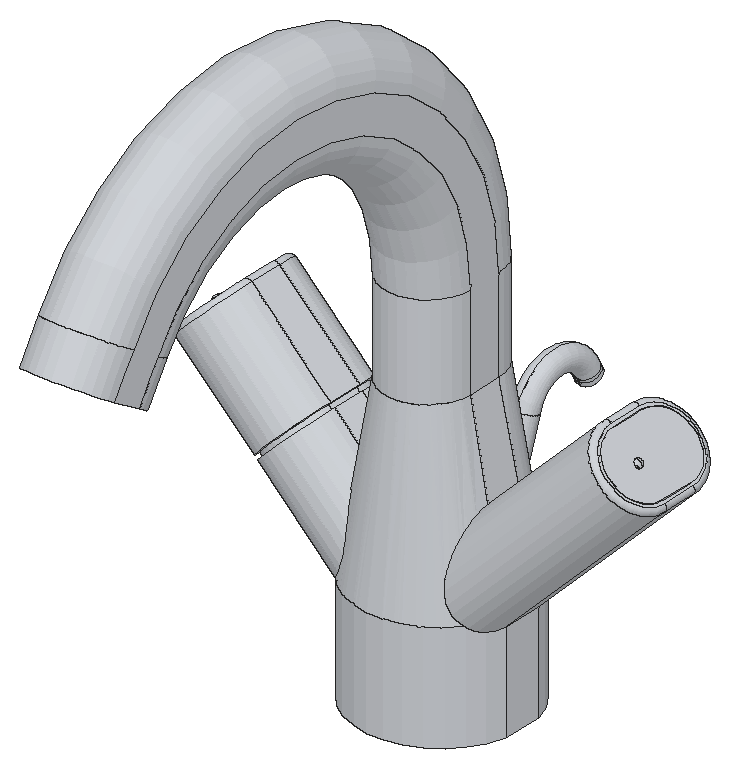
Revit family "Faucet-Lavatory-KOHLER-OBLO-K-10085X_1", category Plumbing Fixtures, host Face, Revit 2017
Family settings
  Host = Face
  Round Connector Dimension = Use Diameter
  Part Type = Normal
  OmniClass Number = 23.31.11.00
  OmniClass Title = Faucets
  Cut with Voids When Loaded = No
  Shared = No
  Room Calculation Point = No
Parameters (values of type "CP-Polished Chrome")
  Width = 1.88976"  # constant formula
  WaterSense Certified = 1 = 0  # no
  Waste Water Outlet = "Waste Water Outlet"  # constant formula
  Waste Connection = 1 = 0  # no
  Vent Connection = 1 = 0  # no
  URL = "https://www.kohler.co.th/"
  Type = 1
  Spout Reach = 5 9/256"  # constant formula
  Product Page URL = "https://www.kohler.co.th/productDetails/10085X-9?skuid=10085X-9-CP"
  Product Name = "OBLO"  # constant formula
  Product Documentation Link = "http://resources.kohler.com/plumbing/kohlerapac/pdf/x4_170326214743.pdf"
  Pressure = 60.00 psi  # constant formula
  Model = "K-10085X-9-CP"  # constant formula
  Material = "Brass Construction"  # constant formula
  Master Format 2014 Name = "Residential Faucets, Supplies, and Trim"  # constant formula
  Master Format 2014 = "22 41 39"  # constant formula
  Manufacturer Address = "16th Floor, Jasmine City Building 2, Soi Sukhumvit 23, Sukhumvit Road, Khlong Toei Nuea, Watthana, Bangkok 10110\r\n"  # constant formula
  Manufacturer = "KOHLER Co."  # constant formula
  Length = Spout Reach  # 5 9/256"
  Hot Water Inlet = "Hot Water Inlet"  # constant formula
  Height = 7 225/256"  # constant formula
  HW Connection = 1 = 1  # yes
  Flow Rate = 2.2 GPM  # constant formula
  Finish = Kohler-Metal-CP-Polished_Chrome
  Environmental Product Declaration = ""
  Drain Included = 1 = 1  # yes
  Description = "Single-Hole Lavatory Faucet"  # constant formula
  Default Elevation = 36"
  Declare Label = ""
  Date Modified = "07/05/2021"  # constant formula
  Date Created = "07/05/2021"  # constant formula
  Copyright = "Copyright KOHLER Co."  # constant formula
  Contact Us = "https://www.kohler.co.th/contact-us"
  Cold Water Inlet = "Cold Water Inlet"  # constant formula
  CW Connection = 1 = 1  # yes
  Assembly Code = "D2010"
  ADA Compliant = 1 = 0  # no
Reference planes (in)
  plane 1 "Center (Front/Back)": y = 0
  plane 2: z = 0
  plane 3 "Center (Left/Right)": x = 0
  plane 4: z = 0.1378
  plane 5: y = 2.26909
  plane 6: x = 2.76953
  plane 7: x = -2.76953
  plane 8: x = 0.5
  plane 9: y = -5.03516
  plane 10: x = -0.5
  plane 11: y = -5.80456
  plane 12: y = 0.96544
  plane 13: z = 3.71
  plane 14: z = 7.87891
  plane 15: through (2.78009, -180, 3.70961) normal (0.7071, 0, -0.7071)
  plane 16: through (0.92953, -180, 0) normal (-0.7071, 0, -0.7071)
  plane 17: x = -0.93701
  plane 18: x = 0.95276
  plane 19: x = -0.32971
  plane 20: x = 0.32971
Dimensions and locks (in)
  "Spout Reach": plane 1 "Center (Front/Back)" to plane 9
  "Height": plane 14 to level
  "Width": plane 18 to plane 17
  plane 1 "Center (Front/Back)" to plane 5 = 2.26909"
  aligned and locked: plane 2 to host face
  aligned and locked: level to host face
Automatic sketch dimensions
  host sketch curve to host sketch curve = 96"  (x2)
Nested families (in)
  nested 1: "K-10085X" at (0, 0, 0), type "K-10085X"
Connectors (in)
  piping at (-0.32971, 0, 0), diameter 0.5, driven by "Flow Rate", driven by "Pressure", driven by "HW Connection", driven by "Hot Water Inlet"
    settings: on nested 1, index 1, connector inside diameter 24", connector length 0", flow factor 0, pipe flow 2.2 GPM, pressure drop 60.00 psi, fitting loss kfactor 0, connector angle 0.00°, fixture units 0, engagement length 0", angle of deflection 0.00°, flow configuration 1, flow direction 1, fitting loss method 4, system type 19, joint type 0, gender type 0, connector reference index -1, connector utility 1, adjustable connector no, is connector primary yes, connector description "Hot Water Inlet"
  piping at (0.32971, 0, 0), diameter 0.5, driven by "Flow Rate", driven by "Pressure", driven by "CW Connection", driven by "Cold Water Inlet"
    settings: on nested 1, index 2, connector inside diameter 24", connector length 0", flow factor 0, pipe flow 2.2 GPM, pressure drop 60.00 psi, fitting loss kfactor 0, connector angle 0.00°, fixture units 0, engagement length 0", angle of deflection 0.00°, flow configuration 1, flow direction 1, fitting loss method 4, system type 20, joint type 0, gender type 0, connector reference index -1, connector utility 1, adjustable connector no, is connector primary no, connector description "Cold Water Inlet"
Definition of nested family "K-10085X"
  Parameters (values of type "K-10085X")
    Material = none
  Reference planes (in)
    plane 1 "Center (Front/Back)": y = 0
    plane 2: z = 0
    plane 3 "Center (Left/Right)": x = 0
    plane 4: z = 7.88
    plane 5: z = 5.38
    plane 6: y = 2.26909
    plane 7: y = -5.03456
    plane 8: through (0, -5.03456, 5.38) normal (0, 0.848, -0.5299)
    plane 9: z = 2.90663
    plane 10: y = 0.96544
    plane 11: y = -5.80456
    plane 12: x = 0.5
    plane 13: x = -0.5
    plane 14: z = 3.71
    plane 15: x = 2.77
    plane 16: x = -2.77
    plane 17: y = -0.20727
    plane 18: through (1.47809, -180, 2.40762) normal (-0.7071, 0, 0.7071)
    plane 19: through (-1.47809, -180, 2.40762) normal (-0.7071, 0, -0.7071)
    plane 20: x = -0.32971
    plane 21: x = 0.32971
  Forms (in)
    Sweep 1, solid, material <- "Material", detail levels medium+fine
      path origin (0, 0, 0) x (0, 1, 0) y (0, 0, 1)
        loop
          line (0, 3.41537) -> (0, 4.50789)
          arc (0, 4.50789) -> (-1.93566, 7.07659) -> (-4.93839, 5.92395) r 2.67222
          line (-4.93839, 5.92395) -> (-5.20728, 5.49364)
      profile origin (0, 0, 3.96163) x (0, -1, 0) y (1, 0, 0)
        loop
          line (0.2076, 0.50197) -> (-0.20747, 0.50197)
          arc (-0.20747, 0.50197) -> (-0.70944, 0) -> (-0.20747, -0.50197) r 0.50197
          line (-0.20747, -0.50197) -> (0.2076, -0.50197)
          arc (0.2076, -0.50197) -> (0.70957, 0) -> (0.2076, 0.50197) r 0.50197
    Extrusion 2, solid, material <- "Material", detail levels medium+fine
      sketch origin (0, 0, 0) x (1, 0, 0) y (0, 1, 0)
        loop
          line (0.93701, -0.24261) -> (0.93701, 0.24261)
          arc (0.93701, 0.24261) -> (0, 0.96791) -> (-0.93701, 0.24261) r 0.96791
          line (-0.93701, 0.24261) -> (-0.93701, -0.24261)
          arc (-0.93701, -0.24261) -> (0, -0.96791) -> (0.93701, -0.24261) r 0.96791
      from 0 to 1.26256
    Blend 3, solid, material <- "Material", detail levels medium+fine
      base sketch origin (0, 0, 0) x (1, 0, 0) y (0, 1, 0)
        loop
          line (-0.93701, 0.24261) -> (-0.93701, -0.24261)
          arc (-0.93701, -0.24261) -> (0, -0.96791) -> (0.93701, -0.24261) r 0.96791
          line (0.93701, -0.24261) -> (0.93701, 0.24261)
          arc (0.93701, 0.24261) -> (0, 0.96791) -> (-0.93701, 0.24261) r 0.96791
      top sketch origin (0, 0, 0) x (1, 0, 0) y (0, 1, 0)
        loop
          line (-0.50197, 0.20747) -> (-0.50197, -0.2076)
          arc (-0.50197, -0.2076) -> (0, -0.70957) -> (0.50197, -0.2076) r 0.50197
          line (0.50197, -0.2076) -> (0.50197, 0.20747)
          arc (0.50197, 0.20747) -> (0, 0.70944) -> (-0.50197, 0.20747) r 0.50197
      from 1.26256 to 3.41537
    Sweep 4, solid, material <- "Material", detail levels medium+fine
      path origin (-1.54769, -0.20669, 2.47722) x (0.707107, 0, 0.707107) y (0, 1, 0)
        loop
          arc (0.50197, 0.41405) -> (0, 0.91602) -> (-0.50197, 0.41405) r 0.50197
          line (-0.50197, 0.41405) -> (-0.50197, -0.00088)
          arc (-0.50197, -0.00088) -> (0, -0.50285) -> (0.50197, -0.00088) r 0.50197
          line (0.50197, -0.00088) -> (0.50197, 0.41405)
      profile origin (-1.19274, -0.00011, 2.83216) x (0.707107, 0, 0.707107) y (-0.707107, 0, 0.707107)
        loop
          arc (-0.00063, 1.21413) -> (-0.01912, 1.25878) -> (-0.06377, 1.27727) r 0.06315
          line (-0.06377, 1.27727) -> (-0.09985, 1.27727) -> (-0.09985, -1.84513) -> (-0.00063, -1.84513) -> (-0.00063, 1.21413)
    Extrusion 5, solid, material <- "Material", detail levels medium+fine
      sketch origin (-2.16652, 0.20736, 3.66472) x (0, -1, 0) y (0.707107, 0, 0.707107)
        loop
          arc (0, 0) -> (-0.40211, -0.40211) -> (0, -0.80423) r 0.40211
          line (0, -0.80423) -> (0.41493, -0.80423)
          arc (0.41493, -0.80423) -> (0.81704, -0.40211) -> (0.41493, 0) r 0.40211
          line (0.41493, 0) -> (0, 0)
      from -3.1224 to 0
    Sweep 6, void
      path origin (0.11152, 0.20736, 1.52702) x (0, -1, 0) y (-0.707107, 0, -0.707107)
        loop
          arc (0.41493, 0.10929) -> (0.80698, 0.50134) -> (0.41493, 0.8934) r 0.39205
          line (0.41493, 0.8934) -> (0, 0.8934)
          arc (0, 0.8934) -> (-0.39205, 0.50134) -> (0, 0.10929) r 0.39205
          line (0, 0.10929) -> (0.41493, 0.10929)
      profile origin (0.03424, 0.20736, 1.44974) x (-0.707107, 0, -0.707107) y (0.707107, 0, -0.707107)
        loop
          line (-0.0572, -1.7467) -> (-0.0572, -1.68765) -> (-0.15029, -1.68765) -> (-0.15029, -1.7467) -> (-0.0572, -1.7467)
    Revolve 7, solid, material <- "Material", detail levels medium+fine
      sketch origin (0, 0, 0) x (0, 1, 0) y (0, 0, 1)
        loop
          line (2.0504, 2.34305) -> (2.15564, 2.39667) -> (2.11986, 2.46689) -> (1.99699, 2.40428) -> (2.02206, 2.35508) -> (2.0504, 2.34305)
        axis (2.11986, 2.46689) -> (2.15564, 2.39667)
      angle from 0 to 360
    Sweep 8, solid, material <- "Material", detail levels medium+fine
      path origin (0, 0, 0) x (0, 1, 0) y (0, 0, 1)
        loop
          line (1.99699, 2.40428) -> (1.97968, 2.43827)
          arc (1.97968, 2.43827) -> (1.64559, 2.62921) -> (1.33726, 2.39897) r 0.35091
          line (1.33726, 2.39897) -> (0.89883, 1.19438)
      profile origin (0, 1.97968, 2.43827) x (0, -0.891007, -0.45399) y (1, 0, 0)
        loop
          circle (-0.1379, 0) r 0.1379
    Revolve 9, solid, detail levels medium+fine
      sketch origin (-2.42457, -0.20727, 48) x (1, 0, 0) y (0, 0, -1)
        loop
          line (0.02062, 44.59692) -> (-0.01418, 44.63172) -> (-0.05074, 44.59516)
          arc (-0.05074, 44.59516) -> (-0.02816, 44.58008) -> (-0.00152, 44.57478) r 0.0696
          line (-0.00152, 44.57478) -> (0.02062, 44.59692)
        axis (-0.01418, 44.63172) -> (-0.05074, 44.59516)
      angle from 0 to 360
    Revolve 10, void
      sketch origin (0, 0, 0) x (0, 1, 0) y (0, 0, 1)
        loop
          line (-4.65646, 5.98509) -> (-5.04293, 5.36662) -> (-4.68088, 5.14038) -> (-4.58631, 5.29173) -> (-4.59375, 5.32393) -> (-4.36639, 5.68778) -> (-4.44812, 5.73884) -> (-4.39596, 5.82231) -> (-4.65646, 5.98509)
        axis (-4.65646, 5.98509) -> (-5.04293, 5.36662)
      angle from 0 to 360
    Revolve 11, solid, detail levels medium+fine
      sketch origin (0, 0, 0) x (0, 1, 0) y (0, 0, 1)
        loop
          line (-4.69545, 5.37809) -> (-4.64383, 5.34828) -> (-4.69559, 5.26858) -> (-4.63254, 5.22764) -> (-4.60194, 5.27476) -> (-4.63941, 5.29909) -> (-4.51001, 5.49836) -> (-4.54261, 5.51718) -> (-4.51411, 5.56653) -> (-4.80065, 5.75261) -> (-4.97996, 5.4765) -> (-4.75147, 5.32812)
          arc (-4.75147, 5.32812) -> (-4.73407, 5.32513) -> (-4.71993, 5.3357) r 0.02236
          line (-4.71993, 5.3357) -> (-4.69545, 5.37809)
        axis (-4.81558, 5.76123) -> (-5.00087, 5.44029)
      angle from 0 to 360
    Sweep 12, solid, material <- "Material", detail levels medium+fine
      path origin (1.54769, -0.20669, 2.47722) x (-0.707107, 0, 0.707107) y (0, -1, 0)
        loop
          line (0.50197, -0.41405) -> (0.50197, 0.00088)
          arc (0.50197, 0.00088) -> (0, 0.50285) -> (-0.50197, 0.00088) r 0.50197
          line (-0.50197, 0.00088) -> (-0.50197, -0.41405)
          arc (-0.50197, -0.41405) -> (0, -0.91602) -> (0.50197, -0.41405) r 0.50197
      profile origin (1.19274, -0.00011, 2.83216) x (0.707107, 0, -0.707107) y (0.707107, 0, 0.707107)
        loop
          line (0.00063, 1.21413) -> (0.00063, -1.84513) -> (0.09985, -1.84513) -> (0.09985, 1.27727) -> (0.06377, 1.27727)
          arc (0.06377, 1.27727) -> (0.01912, 1.25878) -> (0.00063, 1.21413) r 0.06315
    Revolve 13, solid, detail levels medium+fine
      sketch origin (2.42457, -0.20727, 48) x (-1, 0, 0) y (0, 0, 1)
        loop
          line (0.02062, -44.59692) -> (-0.00152, -44.57478)
          arc (-0.00152, -44.57478) -> (-0.02816, -44.58008) -> (-0.05074, -44.59516) r 0.0696
          line (-0.05074, -44.59516) -> (-0.01418, -44.63172) -> (0.02062, -44.59692)
        axis (-0.01418, -44.63172) -> (-0.05074, -44.59516)
      angle from 0 to 360
    Extrusion 14, solid, material <- "Material", detail levels medium+fine
      sketch origin (2.16652, 0.20736, 3.66472) x (0, -1, 0) y (0.707107, 0, -0.707107)
        loop
          line (0, 0) -> (0.41493, 0)
          arc (0.41493, 0) -> (0.81704, 0.40211) -> (0.41493, 0.80423) r 0.40211
          line (0.41493, 0.80423) -> (0, 0.80423)
          arc (0, 0.80423) -> (-0.40211, 0.40211) -> (0, 0) r 0.40211
      from -3.1224 to 0
    Extrusion 15, solid, material <- "Material", detail levels coarse
      sketch origin (0, 0, 0) x (1, 0, 0) y (0, 1, 0)
        loop
          line (-0.95263, 0.01979) -> (-0.95263, -0.02039)
          arc (-0.95263, -0.02039) -> (0, -0.97302) -> (0.95263, -0.02039) r 0.95263
          line (0.95263, -0.02039) -> (0.95263, 0.01979)
          arc (0.95263, 0.01979) -> (0, 0.97242) -> (-0.95263, 0.01979) r 0.95263
      from 0 to 1.26256
    Sweep 16, solid, material <- "Material", detail levels coarse
      path origin (0, 0, 0) x (0, 1, 0) y (0, 0, 1)
        loop
          line (0, 3.41537) -> (0, 4.50789)
          arc (0, 4.50789) -> (-1.93566, 7.07659) -> (-4.93839, 5.92395) r 2.67222
          line (-4.93839, 5.92395) -> (-5.20728, 5.49364)
      profile origin (0, 0, 3.96163) x (0, -1, 0) y (1, 0, 0)
        loop
          line (0.2076, 0.53322) -> (-0.20747, 0.53322)
          arc (-0.20747, 0.53322) -> (-0.74069, 0) -> (-0.20747, -0.53322) r 0.53322
          line (-0.20747, -0.53322) -> (0.2076, -0.53322)
          arc (0.2076, -0.53322) -> (0.74082, 0) -> (0.2076, 0.53322) r 0.53322
    Blend 17, solid, material <- "Material", detail levels coarse
      base sketch origin (0, 0, 0) x (1, 0, 0) y (0, 1, 0)
        loop
          arc (0.95263, 0.01979) -> (0, 0.97242) -> (-0.95263, 0.01979) r 0.95263
          line (-0.95263, 0.01979) -> (-0.95263, -0.02039)
          arc (-0.95263, -0.02039) -> (0, -0.97302) -> (0.95263, -0.02039) r 0.95263
          line (0.95263, -0.02039) -> (0.95263, 0.01979)
      top sketch origin (0, 0, 0) x (1, 0, 0) y (0, 1, 0)
        loop
          line (-0.53322, 0.20747) -> (-0.53322, -0.2076)
          arc (-0.53322, -0.2076) -> (0, -0.74082) -> (0.53322, -0.2076) r 0.53322
          line (0.53322, -0.2076) -> (0.53322, 0.20747)
          arc (0.53322, 0.20747) -> (0, 0.74069) -> (-0.53322, 0.20747) r 0.53322
      from 1.26256 to 3.41537
    Extrusion 18, solid, material <- "Material", detail levels coarse
      sketch origin (-2.16652, 0.20736, 3.66472) x (0, -1, 0) y (0.707107, 0, 0.707107)
        loop
          arc (0, 0.09923) -> (-0.50211, -0.43147) -> (0.05555, -0.90346) r 0.50288
          line (0.05555, -0.90346) -> (0.47048, -0.90346)
          arc (0.47048, -0.90346) -> (0.91704, -0.37584) -> (0.41493, 0.09923) r 0.50288
          line (0.41493, 0.09923) -> (0, 0.09923)
      from -3.1224 to 0
    Extrusion 19, solid, material <- "Material", detail levels coarse
      sketch origin (2.16652, 0.20736, 3.66472) x (0, -1, 0) y (0.707107, 0, -0.707107)
        loop
          line (0, -0.09923) -> (0.41493, -0.09923)
          arc (0.41493, -0.09923) -> (0.91704, 0.37584) -> (0.47048, 0.90346) r 0.50288
          line (0.47048, 0.90346) -> (0.05555, 0.90346)
          arc (0.05555, 0.90346) -> (-0.50211, 0.43147) -> (0, -0.09923) r 0.50288
      from -3.1224 to 0
    Sweep 20, solid, material <- "Material", detail levels coarse
      path origin (0, 0, 0) x (0, 1, 0) y (0, 0, 1)
        loop
          line (2.04208, 2.3158) -> (1.97968, 2.43827)
          arc (1.97968, 2.43827) -> (1.64559, 2.62921) -> (1.33726, 2.39897) r 0.35091
          line (1.33726, 2.39897) -> (0.89883, 1.19438)
      profile origin (0, 1.97968, 2.43827) x (0, -0.891007, -0.45399) y (1, 0, 0)
        loop
          circle (-0.1379, 0) r 0.15
    Extrusion 21, solid, material <- "Material", detail levels medium+fine
      sketch origin (0, 0, 0) x (1, 0, 0) y (0, 1, 0)
        loop
          circle (-0.32971, 0) r 0.08112
        loop
          circle (0.32971, 0) r 0.08112
      from 0 to 0.06424
  Cuts and joins
    Revolve 10 cuts Sweep 1
    Sweep 6 cuts Sweep 4
    joined: Sweep 1, Extrusion 2, Blend 3, Sweep 4, Revolve 7, Sweep 8, Sweep 12
    joined: Extrusion 15, Sweep 16, Blend 17, Extrusion 18, Extrusion 19
  Lines and regions (in)
    Masking region 1
      outline origin (0, 0, 0) x (1, 0, 0) y (0, 1, 0)
        loop
          line (-1.45721, 0.70783) -> (-2.42597, 0.70998)
          arc (-2.42597, 0.70998) -> (-2.54874, 0.6769) -> (-2.64733, 0.59661) r 0.30474
          arc (-2.64733, 0.59661) -> (-2.74584, 0.4196) -> (-2.77997, 0.21991) r 0.6012
          line (-2.77997, 0.21991) -> (-2.77997, -0.21991)
          arc (-2.77997, -0.21991) -> (-2.74584, -0.4196) -> (-2.64733, -0.59661) r 0.6012
          arc (-2.64733, -0.59661) -> (-2.54874, -0.6769) -> (-2.42597, -0.70998) r 0.30474
          line (-2.42597, -0.70998) -> (-1.45721, -0.70783) -> (-0.66017, -0.70783)
          arc (-0.66017, -0.70783) -> (-0.58323, -0.77246) -> (-0.5, -0.82876) r 0.96791
          line (-0.5, -0.82876) -> (-0.5, -5.42089)
          spline (-0.5, -5.42089) -> (-0.47396, -5.52343) -> (-0.41914, -5.61746) -> (-0.33888, -5.69727) -> (-0.23804, -5.75801) -> (-0.12275, -5.79599) -> (0, -5.80892) -> (0.12275, -5.79599) -> (0.23804, -5.75801) -> (0.33888, -5.69727) -> (0.41914, -5.61746) -> (0.47396, -5.52343) -> (0.5, -5.42089)
          line (0.5, -5.42089) -> (0.5, -0.82876)
          arc (0.5, -0.82876) -> (0.58323, -0.77246) -> (0.66017, -0.70783) r 0.96791
          line (0.66017, -0.70783) -> (1.45721, -0.70783) -> (2.42597, -0.70998)
          arc (2.42597, -0.70998) -> (2.54874, -0.6769) -> (2.64733, -0.59661) r 0.30474
          arc (2.64733, -0.59661) -> (2.74584, -0.4196) -> (2.77997, -0.21991) r 0.6012
          line (2.77997, -0.21991) -> (2.77997, 0.21991)
          arc (2.77997, 0.21991) -> (2.74584, 0.4196) -> (2.64733, 0.59661) r 0.6012
          arc (2.64733, 0.59661) -> (2.54874, 0.6769) -> (2.42597, 0.70998) r 0.30474
          line (2.42597, 0.70998) -> (1.45721, 0.70783) -> (0.66017, 0.70783)
          arc (0.66017, 0.70783) -> (0.41826, 0.87287) -> (0.13806, 0.95801) r 0.96791
          line (0.13806, 0.95801) -> (0.13806, 2.14493)
          spline (0.13806, 2.14493) -> (0.1332, 2.17673) -> (0.11942, 2.20637) -> (0.09751, 2.23181) -> (0.06895, 2.25134) -> (0.03569, 2.26361) -> (0, 2.2678) -> (-0.03569, 2.26361) -> (-0.06895, 2.25134) -> (-0.09751, 2.23181) -> (-0.11942, 2.20637) -> (-0.1332, 2.17673) -> (-0.1379, 2.14493)
          line (-0.1379, 2.14493) -> (-0.13806, 0.95801)
          arc (-0.13806, 0.95801) -> (-0.41826, 0.87287) -> (-0.66017, 0.70783) r 0.96791
          line (-0.66017, 0.70783) -> (-1.45721, 0.70783)
    Masking region 2
      outline origin (0, 0, 0) x (0, 1, 0) y (0, 0, 1)
        loop
          line (-5.80892, 5.86959) -> (-4.60553, 5.11763) -> (-4.34395, 5.53624)
          arc (-4.34395, 5.53624) -> (-2.13468, 6.3843) -> (-0.71051, 4.49437) r 1.96609
          line (-0.71051, 4.49437) -> (-0.71051, 3.20119)
          arc (-0.71051, 3.20119) -> (-0.75886, 2.56263) -> (-0.87438, 1.93275) r 6.05615
          arc (-0.87438, 1.93275) -> (-0.93504, 1.61803) -> (-0.96791, 1.29921) r 3.65623
          line (-0.96791, 1.29921) -> (-0.96791, 0) -> (0.96791, 0) -> (0.96791, 1.38588) -> (1.3353, 2.39528)
          arc (1.3353, 2.39528) -> (1.64542, 2.62686) -> (1.98144, 2.4348) r 0.35295
          line (1.98144, 2.4348) -> (2.02206, 2.35508) -> (2.0504, 2.34305) -> (2.26088, 2.45029) -> (2.2678, 2.48029) -> (2.22532, 2.56367)
          arc (2.22532, 2.56367) -> (1.62891, 2.90455) -> (1.07848, 2.49352) r 0.62645
          line (1.07848, 2.49352) -> (0.87438, 1.93275)
          arc (0.87438, 1.93275) -> (0.75886, 2.56263) -> (0.71051, 3.20119) r 6.05615
          line (0.71051, 3.20119) -> (0.71051, 4.51581)
          arc (0.71051, 4.51581) -> (-1.73775, 7.76476) -> (-5.53567, 6.30688) r 3.37988
          line (-5.53567, 6.30688) -> (-5.80892, 5.86959)
    Masking region 3
      outline origin (0, 0, 0) x (1, 0, 0) y (0, 0, 1)
        loop
          line (-1.8326, 2.05312) -> (-1.79576, 2.08995) -> (-1.75401, 2.04819) -> (-1.79084, 2.01136) -> (-1.02272, 1.24324)
          arc (-1.02272, 1.24324) -> (-0.95928, 1.1483) -> (-0.93701, 1.03631) r 0.29265
          line (-0.93701, 1.03631) -> (-0.93701, 0) -> (0.93701, 0) -> (0.93701, 1.03631)
          arc (0.93701, 1.03631) -> (0.95928, 1.1483) -> (1.02272, 1.24324) r 0.29265
          line (1.02272, 1.24324) -> (1.79084, 2.01136) -> (1.75401, 2.04819) -> (1.79576, 2.08995) -> (1.8326, 2.05312) -> (2.76221, 2.98274)
          arc (2.76221, 2.98274) -> (2.78009, 3.02558) -> (2.76264, 3.0686) r 0.06102
          arc (2.76264, 3.0686) -> (2.635, 3.19828) -> (2.50726, 3.327) r 44.02859
          line (2.50726, 3.327) -> (2.49569, 3.35563)
          arc (2.49569, 3.35563) -> (2.47531, 3.40484) -> (2.4261, 3.42522) r 0.0696
          line (2.4261, 3.42522) -> (2.39747, 3.43679)
          arc (2.39747, 3.43679) -> (2.26832, 3.56496) -> (2.13863, 3.6926) r 44.02859
          arc (2.13863, 3.6926) -> (2.09605, 3.70961) -> (2.05321, 3.69174) r 0.06102
          line (2.05321, 3.69174) -> (1.12359, 2.76212) -> (1.16042, 2.72529) -> (1.11866, 2.68353) -> (1.08183, 2.72036)
          arc (1.08183, 2.72036) -> (0.78912, 2.59488) -> (0.55641, 2.81231) r 0.29136
          line (0.55641, 2.81231) -> (0.50197, 3.41537) -> (0.50197, 7.38574)
          arc (0.50197, 7.38574) -> (0, 7.88771) -> (-0.50197, 7.38574) r 0.50197
          line (-0.50197, 7.38574) -> (-0.50197, 3.41537) -> (-0.55641, 2.81231)
          arc (-0.55641, 2.81231) -> (-0.78912, 2.59488) -> (-1.08183, 2.72036) r 0.29136
          line (-1.08183, 2.72036) -> (-1.11866, 2.68353) -> (-1.16042, 2.72529) -> (-1.12359, 2.76212) -> (-2.05321, 3.69174)
          arc (-2.05321, 3.69174) -> (-2.09605, 3.70961) -> (-2.13907, 3.69217) r 0.06102
          arc (-2.13907, 3.69217) -> (-2.26832, 3.56496) -> (-2.39747, 3.43679) r 44.02859
          line (-2.39747, 3.43679) -> (-2.4261, 3.42522)
          arc (-2.4261, 3.42522) -> (-2.47531, 3.40484) -> (-2.49569, 3.35563) r 0.0696
          line (-2.49569, 3.35563) -> (-2.50726, 3.327)
          arc (-2.50726, 3.327) -> (-2.635, 3.19828) -> (-2.76221, 3.06903) r 44.02859
          arc (-2.76221, 3.06903) -> (-2.78009, 3.02558) -> (-2.76221, 2.98274) r 0.06102
          line (-2.76221, 2.98274) -> (-1.8326, 2.05312)
    symbolic lines, detail levels medium+fine
      curve 1: line (-2.50726, 0, 3.327) -> (-2.39747, 0, 3.43679)
      curve 2: line (-1.16042, 0, 2.72529) -> (-1.79576, 0, 2.08995)
      curve 3: line (-1.11866, 0, 2.68353) -> (-1.75401, 0, 2.04819)
      curve 4: line (-2.76221, 0, 2.98274) -> (-2.05321, 0, 3.69174)
      curve 5: arc (-1.00086, 0, 2.63939) -> (-0.79339, 0, 2.09558) -> (-0.70116, 0, 1.5209) r 2.83974
      curve 6: arc (-0.70116, 0, 1.5209) -> (-0.79359, 0, 1.30291) -> (-1.02272, 0, 1.24324) r 0.26802
      curve 7: arc (-0.55641, 0, 2.81231) -> (-0.51045, 0, 2.46499) -> (-0.5, 0, 2.11479) r 3.44498
      curve 8: arc (-0.5, 0, 2.11479) -> (-0.50214, 0, 1.91163) -> (-0.5, 0, 1.70848) r 9.65074
      curve 9: arc (-0.5, 0, 1.70848) -> (-0.615, 0, 1.3051) -> (-0.93701, 0, 1.03631) r 0.71252
      curve 10: line (2.50726, 0, 3.327) -> (2.39747, 0, 3.43679)
      curve 11: line (1.16042, 0, 2.72529) -> (1.79576, 0, 2.08995)
      curve 12: line (1.11866, 0, 2.68353) -> (1.75401, 0, 2.04819)
      curve 13: line (2.76221, 0, 2.98274) -> (2.05321, 0, 3.69174)
      curve 14: arc (1.00086, 0, 2.63939) -> (0.79339, 0, 2.09558) -> (0.70116, 0, 1.5209) r 2.83974
      curve 15: arc (0.70116, 0, 1.5209) -> (0.79359, 0, 1.30291) -> (1.02272, 0, 1.24324) r 0.26802
      curve 16: arc (0.55641, 0, 2.81231) -> (0.51045, 0, 2.46499) -> (0.5, 0, 2.11479) r 3.44498
      curve 17: arc (0.5, 0, 2.11479) -> (0.50214, 0, 1.91163) -> (0.5, 0, 1.70848) r 9.65074
      curve 18: arc (0.5, 0, 1.70848) -> (0.615, 0, 1.3051) -> (0.93701, 0, 1.03631) r 0.71252
      curve 19: spline (0.50197, 0, 5.60359) -> (0.48486, 0, 5.67243) -> (0.43472, 0, 5.73659) -> (0.35495, 0, 5.79168) -> (0.25098, 0, 5.83395) -> (0.12992, 0, 5.86053) -> (0, 0, 5.86959) -> (-0.12992, 0, 5.86053) -> (-0.25098, 0, 5.83395) -> (-0.35495, 0, 5.79168) -> (-0.43472, 0, 5.73659) -> (-0.48486, 0, 5.67243) -> (-0.50197, 0, 5.60359)
      curve 20: spline (0, 0, 5.15788) -> (-0.11049, 0, 5.16559) -> (-0.21346, 0, 5.18819) -> (-0.30188, 0, 5.22414) -> (-0.36972, 0, 5.271) -> (-0.41237, 0, 5.32556) -> (-0.42692, 0, 5.38411) -> (-0.41237, 0, 5.44267) -> (-0.36972, 0, 5.49723) -> (-0.30188, 0, 5.54408) -> (-0.21346, 0, 5.58003) -> (-0.11049, 0, 5.60264) -> (0, 0, 5.61034)
      curve 21: spline (0, 0, 5.61034) -> (0.11049, 0, 5.60264) -> (0.21346, 0, 5.58003) -> (0.30188, 0, 5.54408) -> (0.36972, 0, 5.49723) -> (0.41237, 0, 5.44267) -> (0.42692, 0, 5.38411) -> (0.41237, 0, 5.32556) -> (0.36972, 0, 5.271) -> (0.30188, 0, 5.22414) -> (0.21346, 0, 5.18819) -> (0.11049, 0, 5.16559) -> (0, 0, 5.15788)
      curve 22: spline (-0.42258, 0, 5.41626) -> (-0.39861, 0, 5.36614) -> (-0.35124, 0, 5.32038) -> (-0.28324, 0, 5.28165) -> (-0.1986, 0, 5.25225) -> (-0.1023, 0, 5.23388) -> (0, 0, 5.22764) -> (0.1023, 0, 5.23388) -> (0.1986, 0, 5.25225) -> (0.28324, 0, 5.28165) -> (0.35124, 0, 5.32038) -> (0.39861, 0, 5.36614) -> (0.42258, 0, 5.41626)
      curve 23: spline (-0.24025, 0, 5.57112) -> (-0.28585, 0, 5.54489) -> (-0.32019, 0, 5.51466) -> (-0.34191, 0, 5.48165) -> (-0.35017, 0, 5.44714) -> (-0.34463, 0, 5.41249) -> (-0.32551, 0, 5.37908) -> (-0.29357, 0, 5.34821) -> (-0.25007, 0, 5.3211) -> (-0.19672, 0, 5.29882) -> (-0.13562, 0, 5.28224) -> (-0.06917, 0, 5.27203) -> (0, 0, 5.26858)
      curve 24: spline (0, 0, 5.26858) -> (0.06917, 0, 5.27203) -> (0.13562, 0, 5.28224) -> (0.19672, 0, 5.29882) -> (0.25007, 0, 5.3211) -> (0.29357, 0, 5.34821) -> (0.32551, 0, 5.37908) -> (0.34463, 0, 5.41249) -> (0.35017, 0, 5.44714) -> (0.34191, 0, 5.48165) -> (0.32019, 0, 5.51466) -> (0.28585, 0, 5.54489) -> (0.24025, 0, 5.57112)
      curve 25: line (-0.29594, 0, 5.53735) -> (-0.29594, 0, 5.49738)
      curve 26: line (0.29594, 0, 5.53735) -> (0.29594, 0, 5.4777)
      curve 27: arc (-0.29594, 0, 5.49738) -> (-0.27802, 0, 5.42981) -> (-0.22896, 0, 5.38) r 0.13635
      curve 28: arc (0.29594, 0, 5.49738) -> (0.27802, 0, 5.42981) -> (0.22896, 0, 5.38) r 0.13635
      curve 29: arc (-0.22896, 0, 5.38) -> (0, 0, 5.3174) -> (0.22896, 0, 5.38) r 0.45002
      curve 30: spline (0.50197, 0, 6.01863) -> (0.48486, 0, 6.08747) -> (0.43472, 0, 6.15163) -> (0.35495, 0, 6.20672) -> (0.25098, 0, 6.24899) -> (0.12992, 0, 6.27557) -> (0, 0, 6.28463) -> (-0.12992, 0, 6.27557) -> (-0.25098, 0, 6.24899) -> (-0.35495, 0, 6.20672) -> (-0.43472, 0, 6.15163) -> (-0.48486, 0, 6.08747) -> (-0.50197, 0, 6.01863)
      curve 31: spline (-0.50197, 0, 5.38363) -> (-0.48486, 0, 5.31478) -> (-0.43472, 0, 5.25063) -> (-0.35495, 0, 5.19554) -> (-0.25098, 0, 5.15326) -> (-0.12992, 0, 5.12669) -> (0, 0, 5.11763) -> (0.12992, 0, 5.12669) -> (0.25098, 0, 5.15326) -> (0.35495, 0, 5.19554) -> (0.43472, 0, 5.25063) -> (0.48486, 0, 5.31478) -> (0.50197, 0, 5.38363)
      curve 32: arc (0, 0.96791, 1.38588) -> (0, 0.93001, 1.66083) -> (0, 0.87438, 1.93275) r 4.27906
      curve 33: line (0, 0.70911, 1.55539) -> (0, 0.70911, 3.27588)
      curve 34: line (0, 0.24462, 3.71) -> (0, -0.24462, 3.71)
      curve 35: arc (0, 0.58307, 3.58987) -> (0, 0.42419, 3.67908) -> (0, 0.24462, 3.71) r 0.53683
      curve 36: line (0, 0.39108, 1.23736) -> (0, -0.39108, 1.23736)
      curve 37: arc (0, 0.39108, 1.23736) -> (0, 0.61597, 1.33051) -> (0, 0.70911, 1.55539) r 0.31803
      curve 38: spline (0, 0.20736, 2.01136) -> (0, 0.27523, 2.01462) -> (0, 0.34186, 2.02436) -> (0, 0.40601, 2.04038) -> (0, 0.46651, 2.06239) -> (0, 0.52223, 2.09) -> (0, 0.57215, 2.12268) -> (0, 0.61535, 2.15985) -> (0, 0.65104, 2.20081) -> (0, 0.67856, 2.2448) -> (0, 0.6974, 2.29103) -> (0, 0.70722, 2.33863) -> (0, 0.70783, 2.38674)
      curve 39: spline (0, 0.70783, 2.38674) -> (0, 0.70015, 2.34244) -> (0, 0.68466, 2.29917) -> (0, 0.66161, 2.25762) -> (0, 0.63135, 2.21845) -> (0, 0.59437, 2.18227) -> (0, 0.55126, 2.14967) -> (0, 0.5027, 2.12116) -> (0, 0.44945, 2.09719) -> (0, 0.39237, 2.07814) -> (0, 0.33235, 2.06431) -> (0, 0.27035, 2.05593) -> (0, 0.20736, 2.05312)
      curve 40: line (0, 0.24261, 0) -> (0, 0.24261, 1.15984)
      curve 41: line (0, -0.24261, 0) -> (0, -0.24261, 1.15972)
      curve 42: line (0, 0.24261, 0.98736) -> (0, 0.96791, 0.98736)
      curve 43: line (0, 0.24261, 0.93314) -> (0, 0.96791, 0.93314)
      curve 44: line (0, 0.20736, 4.49065) -> (0, 0.20736, 3.89219)
      curve 45: line (0, -5.12272, 6.01902) -> (0, -5.38256, 5.60317)
      curve 46: line (0, -4.77224, 5.7998) -> (0, -5.03199, 5.38411)
      curve 47: arc (0, -0.20727, 4.49081) -> (0, -1.99656, 6.86528) -> (0, -4.77224, 5.7998) r 2.47016
      curve 48: arc (0, -5.12272, 6.01902) -> (0, -1.88182, 7.26308) -> (0, 0.20736, 4.49065) r 2.88416
      curve 49: line (0, -0.71051, 3.89219) -> (0, 0.71051, 3.89219)
      curve 50: line (0, -0.20727, 4.49081) -> (0, -0.20727, 3.89219)
      curve 51: line (0, -4.34395, 5.53624) -> (0, -4.76994, 5.80347)
      curve 52: line (0, -5.54734, 6.28821) -> (0, -5.12041, 6.02247)
      curve 53: line (0, -0.20757, 2.01136) -> (0, 0.20736, 2.01136)
      curve 54: spline (0, -0.70805, 2.38674) -> (0, -0.70743, 2.33863) -> (0, -0.69762, 2.29103) -> (0, -0.67878, 2.2448) -> (0, -0.65126, 2.20081) -> (0, -0.61557, 2.15985) -> (0, -0.57237, 2.12268) -> (0, -0.52244, 2.09) -> (0, -0.46672, 2.06239) -> (0, -0.40623, 2.04038) -> (0, -0.34208, 2.02436) -> (0, -0.27545, 2.01462) -> (0, -0.20757, 2.01136)
      curve 55: spline (0, -0.20757, 2.05312) -> (0, -0.27057, 2.05593) -> (0, -0.33257, 2.06431) -> (0, -0.39258, 2.07814) -> (0, -0.44967, 2.09719) -> (0, -0.50291, 2.12116) -> (0, -0.55148, 2.14967) -> (0, -0.59459, 2.18227) -> (0, -0.63157, 2.21845) -> (0, -0.66182, 2.25762) -> (0, -0.68488, 2.29917) -> (0, -0.70037, 2.34244) -> (0, -0.70805, 2.38674)
      curve 56: line (0, 0.20727, 2.97854) -> (0, -0.20727, 2.97854)
      curve 57: arc (0, -0.20727, 2.97854) -> (0, -0.44236, 3.02481) -> (0, -0.64238, 3.15673) r 0.62032
      curve 58: arc (0, -0.58307, 3.58987) -> (0, -0.42419, 3.67908) -> (0, -0.24462, 3.71) r 0.53683
      curve 59: arc (0, -0.71204, 3.36708) -> (0, -0.66805, 3.49034) -> (0, -0.58307, 3.58987) r 0.36163
      curve 60: arc (0, 0.20727, 2.97854) -> (0, 0.44236, 3.02481) -> (0, 0.64238, 3.15673) r 0.62032
      curve 61: spline (0, -0.20727, 3.42522) -> (0, -0.19453, 3.42404) -> (0, -0.18266, 3.42056) -> (0, -0.17247, 3.41503) -> (0, -0.16465, 3.40782) -> (0, -0.15973, 3.39943) -> (0, -0.15806, 3.39042) -> (0, -0.15973, 3.38142) -> (0, -0.16465, 3.37302) -> (0, -0.17247, 3.36582) -> (0, -0.18266, 3.36029) -> (0, -0.19453, 3.35681) -> (0, -0.20727, 3.35563)
      curve 62: spline (0, -0.20727, 3.35563) -> (0, -0.22001, 3.35681) -> (0, -0.23188, 3.36029) -> (0, -0.24207, 3.36582) -> (0, -0.24989, 3.37302) -> (0, -0.25481, 3.38142) -> (0, -0.25648, 3.39042) -> (0, -0.25481, 3.39943) -> (0, -0.24989, 3.40782) -> (0, -0.24207, 3.41503) -> (0, -0.23188, 3.42056) -> (0, -0.22001, 3.42404) -> (0, -0.20727, 3.42522)
      curve 63: spline (0, -0.15857, 3.3854) -> (0, -0.16161, 3.39337) -> (0, -0.16722, 3.40061) -> (0, -0.17508, 3.40671) -> (0, -0.18475, 3.41133) -> (0, -0.19568, 3.41421) -> (0, -0.20727, 3.41518) -> (0, -0.21886, 3.41421) -> (0, -0.22979, 3.41133) -> (0, -0.23946, 3.40671) -> (0, -0.24732, 3.40061) -> (0, -0.25293, 3.39337) -> (0, -0.25597, 3.3854)
      curve 64: arc (0, 0.64238, 3.15673) -> (0, 0.68423, 3.21155) -> (0, 0.70911, 3.27588) r 0.24468
      curve 65: arc (0, 0.70911, 3.27588) -> (0, 0.68676, 3.4492) -> (0, 0.58307, 3.58987) r 0.34846
      curve 66: arc (0, -0.64238, 3.15673) -> (0, -0.68423, 3.21155) -> (0, -0.70911, 3.27588) r 0.24468
      curve 67: line (0, -0.70911, 1.55539) -> (0, -0.70911, 3.27588)
      curve 68: arc (0, -0.39108, 1.23736) -> (0, -0.61597, 1.33051) -> (0, -0.70911, 1.55539) r 0.31803
      curve 69: line (0, 0.20736, 2.05312) -> (0, -0.20757, 2.05312)
      curve 70: spline (0, 0.24261, 1.15984) -> (0, 0.27744, 1.15374) -> (0, 0.31226, 1.15035) -> (0, 0.34687, 1.1497) -> (0, 0.38103, 1.15179) -> (0, 0.41453, 1.15662) -> (0, 0.44717, 1.16414) -> (0, 0.47875, 1.17431) -> (0, 0.50906, 1.18707) -> (0, 0.53791, 1.20234) -> (0, 0.56512, 1.22002) -> (0, 0.59053, 1.24001) -> (0, 0.61397, 1.26217)
      curve 71: line (0, -0.24261, 1.15972) -> (0, 0.24261, 1.15984)
      curve 72: spline (0, -0.6143, 1.26224) -> (0, -0.59146, 1.24079) -> (0, -0.56655, 1.2214) -> (0, -0.53971, 1.20417) -> (0, -0.51111, 1.18922) -> (0, -0.48095, 1.17664) -> (0, -0.4494, 1.16652) -> (0, -0.41667, 1.15891) -> (0, -0.38295, 1.15387) -> (0, -0.34847, 1.15142) -> (0, -0.31344, 1.15158) -> (0, -0.27808, 1.15435) -> (0, -0.24261, 1.15972)
      curve 73: arc (0, 0.61397, 1.26217) -> (0, 0.69542, 1.39779) -> (0, 0.70911, 1.55539) r 0.35136
      curve 74: arc (0, -0.70911, 1.55539) -> (0, -0.69582, 1.39779) -> (0, -0.6143, 1.26224) r 0.3489
      curve 75: line (0, -0.24261, 0.98736) -> (0, -0.96791, 0.98736)
      curve 76: line (0, -0.24261, 0.93314) -> (0, -0.96791, 0.93314)
      curve 77: line (0, 2.2678, 2.48029) -> (0, 2.02206, 2.35508)
      curve 78: spline (-1.12359, 0.20736, 0) -> (-1.1264, 0.27035, 0) -> (-1.13478, 0.33235, 0) -> (-1.14861, 0.39237, 0) -> (-1.16766, 0.44945, 0) -> (-1.19163, 0.5027, 0) -> (-1.22015, 0.55126, 0) -> (-1.25275, 0.59437, 0) -> (-1.28892, 0.63135, 0) -> (-1.32809, 0.66161, 0) -> (-1.36964, 0.68466, 0) -> (-1.41291, 0.70015, 0) -> (-1.45721, 0.70783, 0)
      curve 79: spline (-1.41546, 0.70783, 0) -> (-1.37115, 0.70015, 0) -> (-1.32788, 0.68466, 0) -> (-1.28633, 0.66161, 0) -> (-1.24716, 0.63135, 0) -> (-1.21099, 0.59437, 0) -> (-1.17839, 0.55126, 0) -> (-1.14987, 0.5027, 0) -> (-1.1259, 0.44945, 0) -> (-1.10685, 0.39237, 0) -> (-1.09303, 0.33235, 0) -> (-1.08464, 0.27035, 0) -> (-1.08183, 0.20736, 0)
      curve 80: line (-1.08183, 0.20736, 0) -> (-1.08183, -0.20736, 0)
      curve 81: line (-1.12359, -0.20757, 0) -> (-1.12359, 0.20736, 0)
      curve 82: line (-2.05112, 0.30299, 0) -> (-2.05112, -0.20727, 0)
      curve 83: arc (-2.42597, 0.70998, 0) -> (-2.15911, 0.57965, 0) -> (-2.05112, 0.30299, 0) r 0.40836
      curve 84: arc (-2.05112, -0.20727, 0) -> (-2.15515, -0.52081, 0) -> (-2.42597, -0.70998, 0) r 0.52451
      curve 85: spline (-1.12359, -0.20736, 0) -> (-1.1264, -0.27035, 0) -> (-1.13478, -0.33235, 0) -> (-1.14861, -0.39237, 0) -> (-1.16766, -0.44945, 0) -> (-1.19163, -0.5027, 0) -> (-1.22015, -0.55126, 0) -> (-1.25275, -0.59437, 0) -> (-1.28892, -0.63135, 0) -> (-1.32809, -0.66161, 0) -> (-1.36964, -0.68466, 0) -> (-1.41291, -0.70015, 0) -> (-1.45721, -0.70783, 0)
      curve 86: spline (-1.41546, -0.70783, 0) -> (-1.37115, -0.70015, 0) -> (-1.32788, -0.68466, 0) -> (-1.28633, -0.66161, 0) -> (-1.24716, -0.63135, 0) -> (-1.21099, -0.59437, 0) -> (-1.17839, -0.55126, 0) -> (-1.14987, -0.5027, 0) -> (-1.1259, -0.44945, 0) -> (-1.10685, -0.39237, 0) -> (-1.09303, -0.33235, 0) -> (-1.08464, -0.27035, 0) -> (-1.08183, -0.20736, 0)
      curve 87: spline (1.12359, 0.20736, 0) -> (1.1264, 0.27035, 0) -> (1.13478, 0.33235, 0) -> (1.14861, 0.39237, 0) -> (1.16766, 0.44945, 0) -> (1.19163, 0.5027, 0) -> (1.22015, 0.55126, 0) -> (1.25275, 0.59437, 0) -> (1.28892, 0.63135, 0) -> (1.32809, 0.66161, 0) -> (1.36964, 0.68466, 0) -> (1.41291, 0.70015, 0) -> (1.45721, 0.70783, 0)
      curve 88: spline (1.41546, 0.70783, 0) -> (1.37115, 0.70015, 0) -> (1.32788, 0.68466, 0) -> (1.28633, 0.66161, 0) -> (1.24716, 0.63135, 0) -> (1.21099, 0.59437, 0) -> (1.17839, 0.55126, 0) -> (1.14987, 0.5027, 0) -> (1.1259, 0.44945, 0) -> (1.10685, 0.39237, 0) -> (1.09303, 0.33235, 0) -> (1.08464, 0.27035, 0) -> (1.08183, 0.20736, 0)
      curve 89: line (1.08183, 0.20736, 0) -> (1.08183, -0.20736, 0)
      curve 90: line (1.12359, -0.20757, 0) -> (1.12359, 0.20736, 0)
      curve 91: spline (1.12359, -0.20736, 0) -> (1.1264, -0.27035, 0) -> (1.13478, -0.33235, 0) -> (1.14861, -0.39237, 0) -> (1.16766, -0.44945, 0) -> (1.19163, -0.5027, 0) -> (1.22015, -0.55126, 0) -> (1.25275, -0.59437, 0) -> (1.28892, -0.63135, 0) -> (1.32809, -0.66161, 0) -> (1.36964, -0.68466, 0) -> (1.41291, -0.70015, 0) -> (1.45721, -0.70783, 0)
      curve 92: spline (1.41546, -0.70783, 0) -> (1.37115, -0.70015, 0) -> (1.32788, -0.68466, 0) -> (1.28633, -0.66161, 0) -> (1.24716, -0.63135, 0) -> (1.21099, -0.59437, 0) -> (1.17839, -0.55126, 0) -> (1.14987, -0.5027, 0) -> (1.1259, -0.44945, 0) -> (1.10685, -0.39237, 0) -> (1.09303, -0.33235, 0) -> (1.08464, -0.27035, 0) -> (1.08183, -0.20736, 0)
      curve 93: line (2.05112, 0.30299, 0) -> (2.05112, -0.20727, 0)
      curve 94: arc (2.42597, 0.70998, 0) -> (2.15911, 0.57965, 0) -> (2.05112, 0.30299, 0) r 0.40836
      curve 95: arc (2.05112, -0.20727, 0) -> (2.15515, -0.52081, 0) -> (2.42597, -0.70998, 0) r 0.52451
      curve 96: arc (-1.01773, 0.20669, 0) -> (-1.03264, -0.00029, 0) -> (-1.01773, -0.20727, 0) r 1.44331
      curve 97: arc (-1.01773, 0.20669, 0) -> (-0.89971, 0.50061, 0) -> (-0.66017, 0.70783, 0) r 0.67197
      curve 98: arc (-1.01773, -0.20669, 0) -> (-0.84581, -0.56682, 0) -> (-0.5, -0.76595, 0) r 0.67197
      curve 99: arc (1.01773, 0.20669, 0) -> (1.03264, -0.00029, 0) -> (1.01773, -0.20727, 0) r 1.44331
      curve 100: arc (1.01773, 0.20669, 0) -> (0.89971, 0.50061, 0) -> (0.66017, 0.70783, 0) r 0.67197
      curve 101: arc (1.01773, -0.20669, 0) -> (0.84581, -0.56682, 0) -> (0.5, -0.76595, 0) r 0.67197
      curve 102: line (-0.13806, 0.95801, 0) -> (-0.13806, 0.9124, 0)
      curve 103: line (0.13806, 0.95801, 0) -> (0.13806, 0.9124, 0)
      curve 104: line (-0.5, -0.82876, 0) -> (-0.5, 0.21147, 0)
      curve 105: line (0.5, -0.82876, 0) -> (0.5, 0.21147, 0)
      curve 106: arc (-0.5, 0.21147, 0) -> (0, 0.71147, 0) -> (0.5, 0.21147, 0) r 0.5
      curve 107: arc (-1.01773, 0.20669, 0) -> (-0.75876, 0.18848, 0) -> (-0.5, 0.20939, 0) r 1.72285
      curve 108: arc (-0.89971, 0.50061, 0) -> (-0.65381, 0.41797, 0) -> (-0.40791, 0.50061, 0) r 0.40715
      curve 109: arc (-1.01773, -0.20669, 0) -> (-0.75876, -0.18848, 0) -> (-0.5, -0.20939, 0) r 1.72285
      curve 110: arc (-0.89971, -0.50061, 0) -> (-0.70681, -0.42143, 0) -> (-0.5, -0.44814, 0) r 0.40715
      curve 111: arc (1.01773, 0.20669, 0) -> (0.75876, 0.18848, 0) -> (0.5, 0.20939, 0) r 1.72285
      curve 112: arc (0.89971, 0.50061, 0) -> (0.65381, 0.41797, 0) -> (0.40791, 0.50061, 0) r 0.40715
      curve 113: arc (1.01773, -0.20669, 0) -> (0.75876, -0.18848, 0) -> (0.5, -0.20939, 0) r 1.72285
      curve 114: arc (0.89971, -0.50061, 0) -> (0.70681, -0.42143, 0) -> (0.5, -0.44814, 0) r 0.40715
      curve 115: spline (-2.4261, -0.20727, 0) -> (-2.42728, -0.19453, 0) -> (-2.43076, -0.18266, 0) -> (-2.43629, -0.17247, 0) -> (-2.4435, -0.16465, 0) -> (-2.45189, -0.15973, 0) -> (-2.4609, -0.15806, 0) -> (-2.4699, -0.15973, 0) -> (-2.4783, -0.16465, 0) -> (-2.4855, -0.17247, 0) -> (-2.49103, -0.18266, 0) -> (-2.49451, -0.19453, 0) -> (-2.49569, -0.20727, 0)
      curve 116: spline (-2.49569, -0.20727, 0) -> (-2.49451, -0.22001, 0) -> (-2.49103, -0.23188, 0) -> (-2.4855, -0.24207, 0) -> (-2.4783, -0.24989, 0) -> (-2.4699, -0.25481, 0) -> (-2.4609, -0.25648, 0) -> (-2.45189, -0.25481, 0) -> (-2.4435, -0.24989, 0) -> (-2.43629, -0.24207, 0) -> (-2.43076, -0.23188, 0) -> (-2.42728, -0.22001, 0) -> (-2.4261, -0.20727, 0)
      curve 117: arc (-2.4609, -0.15806, 0) -> (-2.43873, -0.16137, 0) -> (-2.42195, -0.17622, 0) r 0.03946
      curve 118: arc (-2.4609, -0.25648, 0) -> (-2.43873, -0.25317, 0) -> (-2.42195, -0.23832, 0) r 0.03946
      curve 119: arc (-2.42195, -0.17622, 0) -> (-2.41304, -0.20727, 0) -> (-2.42195, -0.23832, 0) r 0.05859
      curve 120: spline (2.4261, -0.20727, 0) -> (2.42728, -0.19453, 0) -> (2.43076, -0.18266, 0) -> (2.43629, -0.17247, 0) -> (2.4435, -0.16465, 0) -> (2.45189, -0.15973, 0) -> (2.4609, -0.15806, 0) -> (2.4699, -0.15973, 0) -> (2.4783, -0.16465, 0) -> (2.4855, -0.17247, 0) -> (2.49103, -0.18266, 0) -> (2.49451, -0.19453, 0) -> (2.49569, -0.20727, 0)
      curve 121: spline (2.49569, -0.20727, 0) -> (2.49451, -0.22001, 0) -> (2.49103, -0.23188, 0) -> (2.4855, -0.24207, 0) -> (2.4783, -0.24989, 0) -> (2.4699, -0.25481, 0) -> (2.4609, -0.25648, 0) -> (2.45189, -0.25481, 0) -> (2.4435, -0.24989, 0) -> (2.43629, -0.24207, 0) -> (2.43076, -0.23188, 0) -> (2.42728, -0.22001, 0) -> (2.4261, -0.20727, 0)
      curve 122: arc (2.4609, -0.15806, 0) -> (2.43873, -0.16137, 0) -> (2.42195, -0.17622, 0) r 0.03946
      curve 123: arc (2.4609, -0.25648, 0) -> (2.43873, -0.25317, 0) -> (2.42195, -0.23832, 0) r 0.03946
      curve 124: arc (2.42195, -0.17622, 0) -> (2.41304, -0.20727, 0) -> (2.42195, -0.23832, 0) r 0.05859
      curve 125: arc (-0.13806, 0.9124, 0) -> (-0.12991, 0.90099, 0) -> (-0.11804, 0.89356, 0) r 0.03608
      curve 126: arc (0.13806, 0.9124, 0) -> (0.12991, 0.90099, 0) -> (0.11804, 0.89356, 0) r 0.03608
      curve 127: arc (-0.11804, 0.89356, 0) -> (0, 0.87182, 0) -> (0.11804, 0.89356, 0) r 0.33141
  Dimensions and locks (in)
    plane 4 to level = 7.88"
    plane 5 to level = 5.38"
    plane 1 "Center (Front/Back)" to plane 6 = 2.26909"
    plane 9 to level = 2.90663"
    plane 7 to plane 10 = 6"
    plane 11 to plane 10 = 6.77"
    plane 13 to plane 12 = 1"
    plane 14 to level = 3.71"
    plane 16 to plane 15 = 5.54"
    angle plane 8 to plane 7 = 32.00°
    aligned and locked: plane 2 to level
